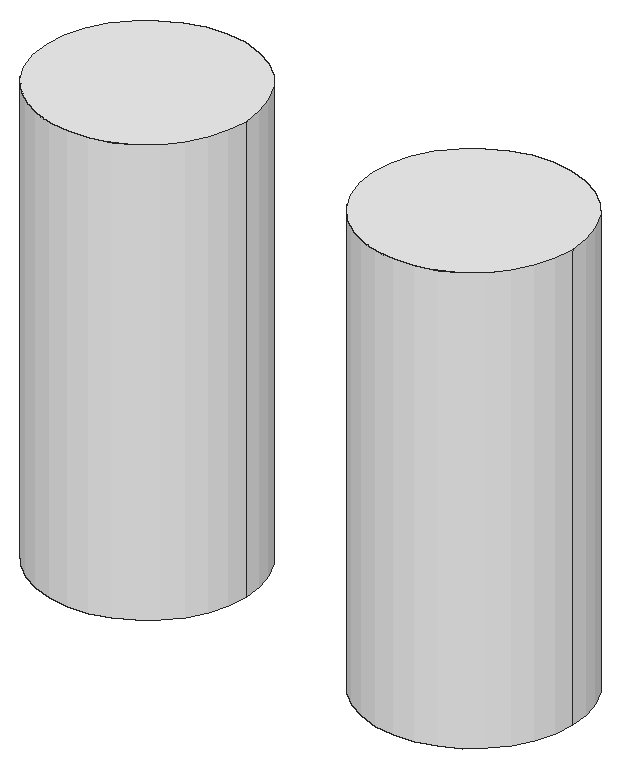
Revit family "57252073(2023)", category Plumbing Fixtures, Revit 2020
Family settings
  Round Connector Dimension = Use Diameter
  Part Type = Normal
  OmniClass Number = 23.45.55.00
  OmniClass Title = Sanitary Faucets, Wastes
  Work Plane-Based = No
  Always vertical = Yes
  Cut with Voids When Loaded = No
  Shared = No
  Room Calculation Point = No
Parameters (values of type "57252073 Bath faucet, floor mounting")
  Working Pressure = "50 - 1000 kPa"
  WarrantyStartDate [instance] = "n/a"
  WarrantyGuarantorParts = "n/a"
  WarrantyGuarantorLabor = "n/a"
  WarrantyDurationUnit = "Year"
  WarrantyDurationParts = "n/a"
  WarrantyDurationLabor = "n/a"
  WarrantyDescription = "http://warranty.hansa.com"
  Warranty Information URL = "http://warranty.hansa.com"
  VersionDate = "01/06/2023"
  Version = "1"
  ValvePattern = "n/a"
  ValveOperation = "n/a"
  ValveMechanism = "n/a"
  Uniclass2015Reference = "Pr_40_20_87_07"
  Uniclass2015Description = "Bath manual water supply sets"
  Uniclass2 = "Pr_40_30_96_07"
  URL REACH = "http://static.hansa.com/doc/reach"
  URL Materials Declaration = "http://www.hansa.com/fileadmin/resources/185492_57252073_materialsdeclaration.pdf"
  URL EcoLabel Declaration = "http://static.hansa.com/doc/EcoLabel"
  URL EU Packaging Declaration = "http://static.hansa.com/doc/packaging"
  URL Declaration of SCIP = "http://static.hansa.com/doc/SCIP"
  URL Declaration of Conformity = "http://static.hansa.com/DoC/57252073"
  URL Declaration of Asbestos = "http://static.hansa.com/doc/asbestos"
  URL Declaration Of Performance (DOP) = "http://static.hansa.com/doc/DoP"
  URL = ""
  UNSPSC Class Number = "30181700 Faucets or taps"
  TestPressure = "n/a"
  Technical DataSheet URL = "http://www.hansa.com/datasheet/57252073/en"
  TagNumber [instance] = "n/a"
  SustainabilityPerformance = "n/a"
  Surface treatment = "Chrome"
  Spout Projection = "209 mm"
  Spare-Part Information URL = "http://static.hansa.com/sp/57252073"
  Size = "175x295x950 mm"
  Shape = "Sculptured"
  SerialNumber [instance] = "n/a"
  Sales Package dimensions (LxWxH) = "1030 x 350 x 300"
  Revision = "n/a"
  ReplacementCost = "n/a"
  ProductInformation = "Kitchen faucet with high spout."
  Product URL = "http://static.hansa.com/57252073"
  Product Image URL = "http://static.hansa.com/image/57252073"
  Product Family = "HANSASTELA "
  Product Code = "57252073"
  OperatingMechanismMaterial = "n/a"
  NominalWidth = 173 mm
  NominalHeight = 949.5 mm
  NominalDepth = 293.1 mm
  Noise Class = "I (ISO 3822) "
  Name_en = "57252073 Bath faucet, floor mounting"
  Name = "57252073 Bath faucet, floor mounting"
  NBSReference = "45-35-70/315"
  NBSDescription = "Water supply fittings for baths"
  Mounting Holes = "1 hole"
  ModelReference = "57252073"
  ModelNumber = "n/a"
  Model = "57252073 Bath faucet, floor mounting"
  Mobile Product Information URL = "http://mpi.hansa.com/57252073"
  Mechanical Parts = "ø 40 mm ceramic cartridge for flow and temperature control"
  Max. Hot Water Supply = 80 °C
  Material = "Brass"
  Market = "International;Germany;Austria;Belgium;Netherlands;France;Czech Republic;Slovakia;Italy;Spain"
  ManufacturerURL = "http://www.hansa.com"
  ManufacturerName = "HANSA"
  Manufacturer = "HANSA"
  Lever Handle = "Single operating lever/handle;Hot/Cold symbols"
  Keynote = ""
  Interactive AR View URL = "https://static.hansa.com/AR/57252073"
  InstallationDate [instance] = "n/a"
  Installation and Maintenance Guide URL = "http://static.hansa.com/manual/57252073"
  Installation Type = "Floor standing"
  InletConnectionSize = 14 mm
  IfcExportType = "FAUCET"  # constant formula
  IfcExportAs = "IfcValveType"  # constant formula
  Group = "Bath faucet"
  Grade = "n/a"
  FlowCoefficient = 0
  Flow Rate At 300kPa = 0.34 L/s
  Flow Drawing URL = "http://static.hansa.com/flowchart/57252073"
  Finish = "Polished"
  Features = "Trim Kit;Single-lever"
  FaucetMainMaterial = Brass
  FDV Document URL = "http://www.hansa.com/datasheet/57252073/en/fdv"
  ExpectedLife = "n/a"
  ETIM Class Number = "EC010862 Bath mixing tap"
  EN Standard = "EN 817"
  EAN Number = "4057304015380"
  DurationUnit = "Year"
  Diverter = "Pull operated diverter"
  Dimension Drawing URL = "http://static.hansa.com/dimdrw/57252073"
  Description = ""
  DefaultElevation [instance] = 900 mm
  Default Elevation = 0 mm
  Constituents = "n/a"
  Connection Size = "G1/2"
  Color = "Chrome"
  CodePerformance = "n/a"
  CloseOffRating = 0
  Category = "Bathtub & Shower"
  Catalog Drawing URL = "http://static.hansa.com/catdrw/57252073"
  Brand = "HANSA"
  BodyMaterial = "Brass"
  Barcode [instance] = "n/a"
  Backflow Prevention EN1717 = "EB"
  BIMObjectName = "57252073(2023)"
  Author = "BIMStone"
  AssetType = "Fixed"
  AssetIdentifier [instance] = "n/a"
  Advanced Features = "Inner body made of DZR brass"
  AccessibilityPerformance = "n/a"
  3D View = "https://static.hansa.com/AR/57252073"
  2D/3D/BIM Files URL = "http://static.hansa.com/bim/57252073"
Reference planes
  plane 1 "Center (Front/Back)": y = 0
  plane 2: z = 0
  plane 3 "Center (Left/Right)": x = 0
  plane 4: x = -67.5
  plane 5: z = 900
  plane 6: z = 870
  plane 7: y = -293.1
  plane 8: x = 67.5
  plane 9: z = 1849.5
  plane 10: x = 105.5
Forms (mm)
  Extrusion 1, solid, material "Brass" <- "FaucetMainMaterial"
    sketch origin (0, -45, 0) x (1, 0, 0) y (0, 1, 0)
      loop
        circle (-11.5, -22.5) r 7
      loop
        circle (11.5, -22.5) r 7
    from 870 to 900
Dimensions and locks
  "DefaultElevation": plane 5 to level
  locked: plane 5 to plane 6 at 30
  "NominalDepth": plane 7 to plane 1 "Center (Front/Back)"
  equal spacing: plane 4, plane 3 "Center (Left/Right)", plane 8
  "NominalHeight": plane 9 to plane 5
  locked: plane 8 to plane 10 at 38
  "NominalWidth": plane 4 to plane 10
  "InletConnectionSize": diameter of Extrusion 1 sketch curve  (x2)
  aligned and locked: level to plane 2
  aligned and locked: plane 5 to Extrusion 1
  aligned and locked: Extrusion 1 to plane 6
  aligned and locked: plane 5 to nested 2  (x2)
  aligned and locked: plane 3 "Center (Left/Right)" to nested 2
  aligned and locked: plane 1 "Center (Front/Back)" to nested 2
Automatic sketch dimensions
  Extrusion 1 sketch curve to plane 3 "Center (Left/Right)" = 11.5 mm
  plane 3 "Center (Left/Right)" to Extrusion 1 sketch curve = 11.5 mm
  plane 1 "Center (Front/Back)" to Extrusion 1 sketch curve = 67.5 mm
  Extrusion 1 sketch curve to Extrusion 1 sketch curve = 0 mm
Nested families
  nested 1: "Symbol" at (0, 0, 0), type "Symbol", detail levels coarse
  nested 2: "57252073_bidetta" at (0, -65.867, 900), type "57252073(2021)_Body"
Connectors
  piping at (-11.5, -67.5, 870), diameter 14, driven by "InletConnectionSize"
    settings: on Extrusion 1, index 1, connector inside diameter 609.6 mm, connector length 0 mm, flow factor 0, pipe flow 0.34 L/s, pressure drop 0.0 Pa, fitting loss kfactor 0, connector angle 0.00°, fixture units 0, engagement length 0 mm, angle of deflection 0.00°, flow configuration 1, flow direction 1, fitting loss method 0, system type 19, joint type 0, gender type 0, connector reference index -1, connector utility 0, adjustable connector no, is connector primary yes, connector description ""
  piping at (11.5, -67.5, 870), diameter 14, driven by "InletConnectionSize"
    settings: on Extrusion 1, index 2, connector inside diameter 609.6 mm, connector length 0 mm, flow factor 0, pipe flow 0.34 L/s, pressure drop 0.0 Pa, fitting loss kfactor 0, connector angle 0.00°, fixture units 0, engagement length 0 mm, angle of deflection 0.00°, flow configuration 1, flow direction 1, fitting loss method 0, system type 20, joint type 0, gender type 0, connector reference index -1, connector utility 0, adjustable connector no, is connector primary no, connector description ""
Definition of nested family "Symbol"
  Reference planes
    plane 1: y = 0
    plane 2: x = 0
  Lines and regions (mm)
    detail lines
      curve 1: line (0, 0, 0) -> (0, -1.8, 0)
      curve 2: line (-0.4, -1.1, 0) -> (0.4, -1.1, 0)
      curve 3: line (-0.4, -1.4, 0) -> (0.4, -1.4, 0)
      curve 4: line (0.863, 0, 0) -> (-0.863, 0, 0)
      curve 5: circle (-1.163, 0, 0) r 0.3 normal (0, 0, -1)
      curve 6: circle (1.163, 0, 0) r 0.3 normal (0, 0, 1)
Definition of nested family "57252073_bidetta"
  Parameters (values of type "57252073_bidetta")
    Default Elevation = 0 mm
    Body [instance] = none
  Reference planes
    plane 1 "Center (Front/Back)": y = 0
    plane 2: z = 0
    plane 3 "Center (Left/Right)": x = 0
  Forms (mm)
    Revolve 1, solid, material <- "Body", detail levels medium
      sketch origin (0, -1.628, 0) x (1, 0, 0) y (0, 0, 1)
        loop
          line (0, 929.225) -> (-20.847, 929.225) -> (-21.862, 903.246)
          arc (-21.862, 903.246) -> (-23.454, 900.53) -> (-24.306, 897.5) r 12.31
          line (-24.306, 897.5) -> (-24.306, 20) -> (-67.521, 20) -> (-67.521, 0) -> (0, 0) -> (0, 929.225)
        axis (0, 929.225) -> (0, 0)
      angle from 0 to 360
    Extrusion 2, solid, material <- "Body", detail levels medium
      sketch origin (0, 0, 0) x (1, 0, 0) y (0, 1, 0)
        loop
          line (-19, -13.116) -> (-19, -225.585) -> (19, -225.585) -> (19, -13.116) -> (-19, -13.116)
      from 854.958 to 838.647
    Extrusion 3, solid, material <- "Body", detail levels medium
      sketch origin (0, 0, 0) x (1, 0, 0) y (0, 1, 0)
        loop
          circle (0, -205.863) r 15
      from 832.883 to 838.647
    Revolve 4, solid, material <- "Body", detail levels medium
      sketch origin (0, -1.562, 0) x (0, 1, 0) y (0, 0, 1)
        loop
          line (-70, 838.647) -> (-70, 771) -> (-56.875, 771) -> (-56.875, 838.647) -> (-70, 838.647)
        axis (-70, 838.647) -> (-70, 771)
      angle from 0 to 360
    Extrusion 5, solid, material <- "Body", detail levels medium
      sketch origin (0, 0, 0) x (0, 1, 0) y (0, 0, 1)
        loop
          circle (-1.585, 747.5) r 13.336
      from 0 to 105.5
    Revolve 6, solid, material <- "Body", detail levels medium
      sketch origin (0, -1.656, 0) x (1, 0, 0) y (0, 0, 1)
        loop
          line (92.552, 949.5) -> (80.269, 949.5) -> (80.269, 762.7) -> (85.052, 732.5) -> (85.052, 708.733) -> (92.552, 708.733) -> (92.552, 949.5)
        axis (92.552, 949.5) -> (92.552, 708.733)
      angle from 0 to 360
    Extrusion 7, solid, material <- "Body", detail levels medium
      sketch origin (0, 0, 0) x (1, 0, 0) y (0, 1, 0)
        loop
          line (0, -69.148) -> (20.847, -69.148) -> (20.847, -1.628)
          arc (20.847, -1.628) -> (0, 19.22) -> (-20.847, -1.628) r 20.847
          line (-20.847, -1.628) -> (-20.847, -69.148) -> (0, -69.148)
      from 929.225 to 935.997
    Extrusion 8, solid, material <- "Body", detail levels coarse
      sketch origin (0, 0, 0) x (1, 0, 0) y (0, 1, 0)
        loop
          line (-67.612, 67.612) -> (-67.612, -225.585) -> (105.5, -225.585) -> (105.5, 67.612) -> (-67.612, 67.612)
      from 0 to 949.5
  Cuts and joins
    joined: Revolve 1, Extrusion 2
  Lines and regions (mm)
    symbolic lines, detail levels medium+fine
      curve 1: line (-19, -222.585, 0) -> (-19, -64.888, 0)
      curve 3: line (-16, -225.585, 0) -> (0, -225.585, 0)
      curve 4: arc (-16, -225.585, 0) -> (-18.121, -224.706, 0) -> (-19, -222.585, 0) r 3
      curve 5: line (19, -222.585, 0) -> (19, -64.888, 0)
      curve 6: line (16, -225.585, 0) -> (0, -225.585, 0)
      curve 7: arc (16, -225.585, 0) -> (18.121, -224.706, 0) -> (19, -222.585, 0) r 3
      curve 8: arc (19, -64.888, 0) -> (49.302, -46.268, 0) -> (65.962, -14.846, 0) r 67.612
      curve 19: line (65.962, -14.846, 0) -> (104.262, -14.846, 0)
      curve 20: arc (104.284, 11.635, 0) -> (105.062, 11.363, 0) -> (105.5, 10.665, 0) r 1.247
      curve 21: line (105.5, 10.665, 0) -> (105.5, 7.415, 0)
      curve 22: arc (105.5, 7.415, 0) -> (105.204, 6.7, 0) -> (104.488, 6.403, 0) r 1.012
      curve 23: line (104.488, 6.403, 0) -> (102.129, 6.403, 0)
      curve 24: arc (104.262, -14.846, 0) -> (105.044, -14.58, 0) -> (105.5, -13.892, 0) r 1.28
      curve 25: line (105.5, -13.892, 0) -> (105.5, -10.593, 0)
      curve 26: arc (105.5, -10.593, 0) -> (105.201, -9.871, 0) -> (104.479, -9.572, 0) r 1.021
      curve 27: line (104.479, -9.572, 0) -> (102.119, -9.572, 0)
      curve 28: arc (102.129, 6.403, 0) -> (104.241, 2.654, 0) -> (104.973, -1.586, 0) r 12.644
      curve 29: arc (104.973, -1.586, 0) -> (104.238, -5.826, 0) -> (102.119, -9.572, 0) r 12.599
      curve 31: line (66.604, 11.635, 0) -> (104.284, 11.635, 0)
      curve 32: arc (66.604, 11.635, 0) -> (-45.091, 50.381, 0) -> (-18.923, -64.91, 0) r 67.612
      curve 33: line (0, 0, 0) -> (-67.511, 0, 0)
      curve 34: line (-67.511, 0, 0) -> (-67.511, 0, 17.871)
      curve 35: arc (-67.511, 0, 17.871) -> (-66.929, 0, 19.335) -> (-65.5, 0, 20) r 2.132
      curve 36: line (-65.5, 0, 20) -> (-24.341, 0, 20)
      curve 37: line (-24.341, 0, 20) -> (-24.341, 0, 897.5)
      curve 38: arc (-24.341, 0, 897.5) -> (-24.318, 0, 897.646) -> (-24.25, 0, 897.778) r 0.472
      curve 39: line (-24.25, 0, 897.778) -> (-21.846, 0, 900.968)
      curve 40: arc (-21.846, 0, 900.968) -> (-21.286, 0, 901.631) -> (-20.653, 0, 902.225) r 7.649
      curve 41: line (-20.653, 0, 902.225) -> (-22.057, 0, 902.941)
      curve 42: arc (-22.057, 0, 902.941) -> (-22.82, 0, 903.361) -> (-23.554, 0, 903.831) r 13.324
      curve 43: arc (-23.554, 0, 903.831) -> (-23.695, 0, 903.979) -> (-23.764, 0, 904.171) r 0.493
      curve 44: line (-23.764, 0, 904.171) -> (-20.269, 0, 935.495)
      curve 45: arc (-20.269, 0, 935.495) -> (-20.083, 0, 935.854) -> (-19.705, 0, 935.996) r 0.563
      curve 46: line (-19.705, 0, 935.996) -> (0, 0, 935.996)
      curve 91: line (0, 0, 0) -> (67.511, 0, 0)
      curve 92: line (67.511, 0, 0) -> (67.511, 0, 17.871)
      curve 93: arc (67.511, 0, 17.871) -> (66.929, 0, 19.335) -> (65.5, 0, 20) r 2.132
      curve 94: line (65.5, 0, 20) -> (24.341, 0, 20)
      curve 95: line (24.341, 0, 20) -> (24.341, 0, 734.202)
      curve 96: line (24.25, 0, 897.778) -> (21.846, 0, 900.968)
      curve 97: arc (21.846, 0, 900.968) -> (21.286, 0, 901.631) -> (20.653, 0, 902.225) r 7.649
      curve 98: line (20.653, 0, 902.225) -> (22.057, 0, 902.941)
      curve 99: arc (22.057, 0, 902.941) -> (22.82, 0, 903.361) -> (23.554, 0, 903.831) r 13.324
      curve 100: line (23.764, 0, 904.171) -> (20.269, 0, 935.495)
      curve 101: arc (20.269, 0, 935.495) -> (20.083, 0, 935.854) -> (19.705, 0, 935.996) r 0.563
      curve 102: line (19.705, 0, 935.996) -> (0, 0, 935.996)
      curve 147: line (24.341, 0, 734.202) -> (81.451, 0, 734.202)
      curve 148: line (81.451, 0, 734.202) -> (82.058, 0, 734.73)
      curve 151: line (103.107, 0, 738.187) -> (104.516, 0, 738.187)
      curve 152: arc (104.516, 0, 738.187) -> (105.219, 0, 738.482) -> (105.5, 0, 739.19) r 0.984
      curve 153: line (82.058, 0, 734.73) -> (82.149, 0, 733)
      curve 154: arc (82.149, 0, 733) -> (82.325, 0, 732.631) -> (82.709, 0, 732.495) r 0.533
      curve 155: line (82.709, 0, 732.495) -> (85.003, 0, 732.495)
      curve 156: line (85.003, 0, 732.495) -> (85.003, 0, 709.432)
      curve 157: line (85.003, 0, 709.432) -> (100.003, 0, 709.432)
      curve 158: line (100.003, 0, 709.432) -> (100.003, 0, 732.495)
      curve 160: line (100.003, 0, 732.495) -> (102.226, 0, 732.495)
      curve 161: arc (102.226, 0, 732.495) -> (102.69, 0, 732.687) -> (102.882, 0, 733.152) r 0.657
      curve 162: line (102.882, 0, 733.152) -> (103.107, 0, 738.187)
      curve 163: line (105.5, 0, 739.19) -> (105.5, 0, 755.81)
      curve 164: arc (105.5, 0, 755.81) -> (105.197, 0, 756.542) -> (104.466, 0, 756.845) r 1.034
      curve 165: line (104.466, 0, 756.845) -> (103.899, 0, 756.845)
      curve 169: arc (80.941, 0, 760.482) -> (80.526, 0, 760.719) -> (80.052, 0, 760.771) r 1.166
      curve 170: line (80.052, 0, 760.771) -> (24.341, 0, 760.771)
      curve 171: line (103.899, 0, 756.845) -> (104.13, 0, 761.981)
      curve 172: arc (104.13, 0, 761.981) -> (104.032, 0, 762.293) -> (103.755, 0, 762.467) r 0.475
      curve 173: line (103.755, 0, 762.467) -> (103.755, 0, 762.704)
      curve 174: line (103.755, 0, 762.704) -> (105.5, 0, 762.704)
      curve 175: line (105.5, 0, 762.704) -> (105.5, 0, 949.5)
      curve 176: line (105.5, 0, 949.5) -> (79.991, 0, 949.5)
      curve 177: line (79.991, 0, 949.5) -> (79.991, 0, 762.704)
      curve 179: line (24.341, 0, 760.771) -> (24.341, 0, 897.5)
      curve 183: line (80.941, 0, 760.482) -> (80.862, 0, 761.982)
      curve 184: arc (80.862, 0, 761.982) -> (80.966, 0, 762.303) -> (81.257, 0, 762.474) r 0.474
      curve 185: line (81.257, 0, 762.474) -> (81.257, 0, 762.704)
      curve 187: line (81.257, 0, 762.704) -> (79.991, 0, 762.704)
      curve 188: line (0, 65.867, 0) -> (0, 65.867, 18.433)
      curve 189: arc (0, 65.867, 18.433) -> (0, 65.721, 19.051) -> (0, 65.312, 19.537) r 1.374
      curve 190: arc (0, 65.312, 19.537) -> (0, 64.651, 19.88) -> (0, 63.915, 20) r 2.351
      curve 191: line (0, 63.915, 20) -> (0, 22.62, 20)
      curve 192: line (0, 22.62, 20) -> (0, 22.62, 897.309)
      curve 193: line (0, 22.516, 897.66) -> (0, 21.554, 899.142)
      curve 194: line (0, 21.554, 899.142) -> (0, 22.369, 899.142)
      curve 195: arc (0, 22.369, 899.142) -> (0, 22.683, 899.294) -> (0, 22.757, 899.635) r 0.399
      curve 196: arc (0, 22.62, 897.309) -> (0, 22.594, 897.492) -> (0, 22.516, 897.66) r 0.644
      curve 197: line (0, 22.757, 899.635) -> (0, 22.757, 935.536)
      curve 198: arc (0, 22.757, 935.536) -> (0, 22.599, 935.885) -> (0, 22.233, 935.997) r 0.465
      curve 199: line (0, 22.233, 935.997) -> (0, 10.94, 935.997)
      curve 200: line (0, 10.94, 935.997) -> (0, 10.94, 949.305)
      curve 201: arc (0, 10.94, 949.305) -> (0, 10.872, 949.454) -> (0, 10.715, 949.5) r 0.197
      curve 202: line (0, 10.715, 949.5) -> (0, -13.884, 949.5)
      curve 203: arc (0, -13.884, 949.5) -> (0, -14.028, 949.441) -> (0, -14.087, 949.297) r 0.203
      curve 204: line (0, -14.087, 949.297) -> (0, -14.087, 935.997)
      curve 205: line (0, -14.087, 935.997) -> (0, -68.937, 935.997)
      curve 206: arc (0, -68.937, 935.997) -> (0, -69.238, 935.842) -> (0, -69.285, 935.507) r 0.369
      curve 207: line (0, -69.285, 935.507) -> (0, -68.794, 932.978)
      curve 208: arc (0, -68.794, 932.978) -> (0, -68.58, 932.614) -> (0, -68.187, 932.464) r 0.634
      curve 209: line (0, -68.187, 932.464) -> (0, -28.187, 932.464)
      curve 210: arc (0, -28.187, 932.464) -> (0, -26.659, 931.909) -> (0, -25.845, 930.503) r 2.378
      curve 211: line (0, -25.845, 930.503) -> (0, -25.845, 899.837)
      curve 212: arc (0, -25.845, 899.837) -> (0, -25.639, 899.34) -> (0, -25.142, 899.134) r 0.703
      curve 213: line (0, -25.142, 899.134) -> (0, -24.752, 899.134)
      curve 214: line (0, -24.752, 899.134) -> (0, -25.558, 897.892)
      curve 215: line (0, -25.829, 896.977) -> (0, -25.829, 854.958)
      curve 216: arc (0, -25.558, 897.892) -> (0, -25.76, 897.454) -> (0, -25.829, 896.977) r 1.68
      curve 218: line (0, -25.829, 854.958) -> (0, -224.585, 854.958)
      curve 219: arc (0, -224.585, 854.958) -> (0, -225.292, 854.665) -> (0, -225.585, 853.958) r 1
      curve 220: line (0, -225.585, 853.958) -> (0, -225.585, 839.829)
      curve 221: arc (0, -225.585, 839.829) -> (0, -225.253, 838.838) -> (0, -224.39, 838.247) r 1.645
      curve 222: line (0, -224.39, 838.247) -> (0, -220.191, 837.05)
      curve 223: line (0, -220.191, 837.05) -> (0, -220.313, 835.656)
      curve 224: line (0, -220.313, 835.656) -> (0, -191.978, 833.177)
      curve 225: line (0, -191.978, 833.177) -> (0, -191.907, 833.986)
      curve 226: line (0, -191.907, 833.986) -> (0, -91.105, 826.184)
      curve 227: arc (0, -91.105, 826.184) -> (0, -87.189, 824.195) -> (0, -85.826, 820.02) r 5.739
      curve 228: line (0, -85.826, 820.02) -> (0, -85.826, 815.972)
      curve 229: line (0, -85.826, 815.972) -> (0, -83.438, 815.972)
      curve 230: line (0, -83.438, 815.972) -> (0, -83.438, 814)
      curve 231: line (0, -83.438, 814) -> (0, -81.085, 814)
      curve 232: line (0, -81.085, 814) -> (0, -81.085, 812)
      curve 233: line (0, -81.085, 812) -> (0, -84.043, 812)
      curve 234: line (0, -84.043, 812) -> (0, -84.043, 804.137)
      curve 235: arc (0, -84.043, 804.137) -> (0, -84.214, 803.603) -> (0, -84.665, 803.268) r 0.917
      curve 236: arc (0, -84.665, 803.268) -> (0, -85.427, 801.894) -> (0, -84.135, 801) r 1.17
      curve 237: line (0, -84.135, 801) -> (0, -82.712, 801)
      curve 238: line (0, -83.229, 800.418) -> (0, -81.936, 771.459)
      curve 239: arc (0, -82.712, 801) -> (0, -83.089, 800.814) -> (0, -83.229, 800.418) r 0.558
      curve 240: arc (0, -81.936, 771.459) -> (0, -81.703, 771.053) -> (0, -81.237, 771.007) r 0.511
      curve 241: line (0, -81.237, 771.007) -> (0, -79.064, 771.007)
      curve 242: line (0, -79.064, 771.007) -> (0, -79.064, 747.748)
      curve 243: arc (0, -79.064, 747.748) -> (0, -78.739, 746.446) -> (0, -77.838, 745.451) r 2.766
      curve 244: arc (0, -77.838, 745.451) -> (0, -77.545, 745.32) -> (0, -77.225, 745.293) r 0.955
      curve 245: line (0, -77.225, 745.293) -> (0, -65.55, 745.293)
      curve 246: arc (0, -65.55, 745.293) -> (0, -64.949, 745.474) -> (0, -64.548, 745.956) r 1.089
      curve 247: arc (0, -64.548, 745.956) -> (0, -64.183, 747.111) -> (0, -64.044, 748.315) r 6.354
      curve 248: line (0, -64.044, 748.315) -> (0, -64.044, 771.007)
      curve 249: line (0, -64.044, 771.007) -> (0, -61.67, 771.007)
      curve 250: arc (0, -61.67, 771.007) -> (0, -61.254, 771.219) -> (0, -61.179, 771.68) r 0.516
      curve 251: line (0, -61.179, 771.68) -> (0, -59.968, 800.513)
      curve 252: arc (0, -59.968, 800.513) -> (0, -60.105, 800.864) -> (0, -60.457, 801) r 0.468
      curve 253: line (0, -60.457, 801) -> (0, -59.042, 801)
      curve 254: arc (0, -59.042, 801) -> (0, -57.851, 801.998) -> (0, -58.626, 803.345) r 1.209
      curve 255: arc (0, -58.626, 803.345) -> (0, -59.036, 803.722) -> (0, -59.059, 804.279) r 0.728
      curve 256: line (0, -59.059, 804.279) -> (0, -59.059, 812)
      curve 257: line (0, -59.059, 812) -> (0, -62.085, 812)
      curve 258: line (0, -62.085, 812) -> (0, -62.085, 814)
      curve 259: line (0, -62.085, 814) -> (0, -59.693, 814)
      curve 260: line (0, -59.693, 814) -> (0, -59.693, 816)
      curve 261: line (0, -59.693, 816) -> (0, -57.335, 816)
      curve 262: line (0, -57.335, 816) -> (0, -57.335, 818.333)
      curve 263: arc (0, -57.335, 818.333) -> (0, -55.394, 822.241) -> (0, -51.106, 823.056) r 4.905
      curve 264: line (0, -51.106, 823.056) -> (0, -26.201, 820.877)
      curve 265: line (0, -26.201, 820.877) -> (0, -26.201, 20)
      curve 266: line (0, -26.201, 20) -> (0, -67.043, 20)
      curve 267: arc (0, -67.043, 20) -> (0, -68.507, 19.394) -> (0, -69.113, 17.93) r 2.07
      curve 268: line (0, -69.113, 17.93) -> (0, -69.113, 0)
      curve 269: line (0, -69.113, 0) -> (0, 65.867, 0)
    symbolic lines, detail levels fine
      curve 2: arc (-18.923, -64.91, 0) -> (0.04, -67.612, 0) -> (19, -64.888, 0) r 67.612
      curve 9: line (-20.278, 0, 0) -> (-20.278, -56.661, 0)
      curve 10: arc (-20.278, -56.661, 0) -> (-20.264, -59.809, 0) -> (-20.223, -62.957, 0) r 361.155
      curve 11: arc (-20.223, -62.957, 0) -> (-19.882, -64.094, 0) -> (-19, -64.888, 0) r 2.197
      curve 12: arc (0, 21.593, 0) -> (-14.414, 14.811, 0) -> (-20.278, 0, 0) r 21.636
      curve 13: line (20.278, 0, 0) -> (20.278, -56.661, 0)
      curve 14: arc (20.278, -56.661, 0) -> (20.264, -59.809, 0) -> (20.223, -62.957, 0) r 361.155
      curve 15: arc (20.223, -62.957, 0) -> (19.882, -64.094, 0) -> (19, -64.888, 0) r 2.197
      curve 16: arc (0, 21.593, 0) -> (14.414, 14.811, 0) -> (20.278, 0, 0) r 21.636
      curve 17: line (16.883, 11.635, 0) -> (66.604, 11.635, 0)
      curve 18: line (65.962, -14.846, 0) -> (20.278, -14.846, 0)
      curve 30: arc (102.119, -9.572, 0) -> (79.708, -1.57, 0) -> (102.129, 6.403, 0) r 12.631
      curve 47: line (-24.341, 0, 20) -> (0, 0, 20)
      curve 48: line (0, 0, 854.958) -> (-17.484, 0, 854.958)
      curve 49: arc (-17.484, 0, 854.958) -> (-18.392, 0, 854.685) -> (-19, 0, 853.958) r 1.65
      curve 50: line (-19, 0, 853.958) -> (-19, 0, 833.001)
      curve 51: arc (-19, 0, 833.001) -> (-18.719, 0, 831.275) -> (-17.904, 0, 829.728) r 5.434
      curve 52: arc (-17.904, 0, 829.728) -> (-16.346, 0, 827.948) -> (-14.546, 0, 826.413) r 16.282
      curve 53: line (-14.546, 0, 826.413) -> (-14.546, 0, 816.068)
      curve 54: line (-14.546, 0, 816.068) -> (-11.717, 0, 816.068)
      curve 55: line (-11.717, 0, 816.068) -> (-11.717, 0, 814.022)
      curve 56: line (-11.717, 0, 814.022) -> (-10.47, 0, 814.022)
      curve 57: line (-10.47, 0, 814.022) -> (-10.47, 0, 812.073)
      curve 58: line (-10.47, 0, 812.073) -> (-12.484, 0, 812.073)
      curve 59: line (-12.484, 0, 812.073) -> (-12.484, 0, 804.19)
      curve 60: arc (-12.484, 0, 804.19) -> (-12.661, 0, 803.607) -> (-13.133, 0, 803.222) r 1.047
      curve 61: arc (-13.133, 0, 803.222) -> (-13.83, 0, 801.932) -> (-12.703, 0, 800.994) r 1.157
      curve 62: line (-12.703, 0, 800.994) -> (-11.652, 0, 800.994)
      curve 63: line (-11.652, 0, 800.994) -> (-10.369, 0, 771.022)
      curve 64: line (-10.369, 0, 771.022) -> (-7.444, 0, 771.022)
      curve 65: line (-7.444, 0, 771.022) -> (-7.444, 0, 748.16)
      curve 66: line (-7.444, 0, 748.16) -> (0, 0, 748.16)
      curve 67: line (0, 0, 838.081) -> (-15, 0, 838.081)
      curve 68: arc (-15, 0, 838.081) -> (-16.557, 0, 838.164) -> (-18.097, 0, 838.414) r 14.584
      curve 69: arc (-18.097, 0, 838.414) -> (-18.698, 0, 838.754) -> (-19, 0, 839.375) r 1.163
      curve 70: line (0, 0, 836.964) -> (-6.016, 0, 836.964)
      curve 71: arc (-6.016, 0, 836.964) -> (-8.398, 0, 836.928) -> (-10.777, 0, 836.82) r 78.585
      curve 72: arc (-10.777, 0, 836.82) -> (-12.809, 0, 836.772) -> (-14.839, 0, 836.875) r 27.395
      curve 73: arc (-14.839, 0, 836.875) -> (-16.497, 0, 836.794) -> (-18.071, 0, 836.27) r 6.102
      curve 74: arc (-18.071, 0, 836.27) -> (-18.592, 0, 835.918) -> (-19, 0, 835.44) r 2.323
      curve 75: line (0, 0, 835.43) -> (-2.676, 0, 835.43)
      curve 76: arc (-2.676, 0, 835.43) -> (-7.382, 0, 835.34) -> (-12.082, 0, 835.072) r 123.82
      curve 77: arc (-12.082, 0, 835.072) -> (-14.47, 0, 834.471) -> (-16.52, 0, 833.106) r 7.259
      curve 78: arc (-16.52, 0, 833.106) -> (-17.575, 0, 831.566) -> (-17.904, 0, 829.728) r 4.436
      curve 79: line (-11.717, 0, 816.068) -> (0, 0, 816.068)
      curve 80: line (-10.47, 0, 814.022) -> (0, 0, 814.022)
      curve 81: line (-10.47, 0, 812.073) -> (0, 0, 812.073)
      curve 82: line (-11.652, 0, 800.994) -> (0, 0, 800.994)
      curve 83: line (-12.929, 0, 803.333) -> (0, 0, 803.333)
      curve 84: line (-7.444, 0, 771.022) -> (0, 0, 771.022)
      curve 85: line (-24.318, 0, 897.646) -> (0, 0, 897.646)
      curve 86: line (-20.653, 0, 902.225) -> (-18.885, 0, 901.401)
      curve 87: arc (-18.885, 0, 901.401) -> (-13.663, 0, 899.653) -> (-8.181, 0, 899.126) r 24.318
      curve 88: line (-8.181, 0, 899.126) -> (0, 0, 899.126)
      curve 89: spline (0, 0, 904.656) -> (-1.081, 0, 904.809) -> (-2.089, 0, 905.255) -> (-2.954, 0, 905.965) -> (-3.618, 0, 906.891) -> (-4.035, 0, 907.969) -> (-4.178, 0, 909.126) -> (-4.035, 0, 910.283) -> (-3.618, 0, 911.361) -> (-2.954, 0, 912.287) -> (-2.089, 0, 912.997) -> (-1.081, 0, 913.444) -> (0, 0, 913.596) -> (1.081, 0, 913.444) -> (2.089, 0, 912.997) -> (2.954, 0, 912.287) -> (3.618, 0, 911.361) -> (4.035, 0, 910.283) -> (4.178, 0, 909.126) -> (4.035, 0, 907.969) -> (3.618, 0, 906.891) -> (2.954, 0, 905.965) -> (2.089, 0, 905.255) -> (1.081, 0, 904.809) -> (0, 0, 904.656)
      curve 90: line (-20.618, 0, 932.37) -> (0, 0, 932.37)
      curve 103: line (24.341, 0, 20) -> (0, 0, 20)
      curve 104: line (0, 0, 854.958) -> (17.484, 0, 854.958)
      curve 105: arc (17.484, 0, 854.958) -> (18.392, 0, 854.685) -> (19, 0, 853.958) r 1.65
      curve 106: line (19, 0, 853.958) -> (19, 0, 833.001)
      curve 107: arc (19, 0, 833.001) -> (18.719, 0, 831.275) -> (17.904, 0, 829.728) r 5.434
      curve 108: arc (17.904, 0, 829.728) -> (16.346, 0, 827.948) -> (14.546, 0, 826.413) r 16.282
      curve 109: line (14.546, 0, 826.413) -> (14.546, 0, 816.068)
      curve 110: line (14.546, 0, 816.068) -> (11.717, 0, 816.068)
      curve 111: line (11.717, 0, 816.068) -> (11.717, 0, 814.022)
      curve 112: line (11.717, 0, 814.022) -> (10.47, 0, 814.022)
      curve 113: line (10.47, 0, 814.022) -> (10.47, 0, 812.073)
      curve 114: line (10.47, 0, 812.073) -> (12.484, 0, 812.073)
      curve 115: line (12.484, 0, 812.073) -> (12.484, 0, 804.19)
      curve 116: arc (12.484, 0, 804.19) -> (12.661, 0, 803.607) -> (13.133, 0, 803.222) r 1.047
      curve 117: arc (13.133, 0, 803.222) -> (13.83, 0, 801.932) -> (12.703, 0, 800.994) r 1.157
      curve 118: line (12.703, 0, 800.994) -> (11.652, 0, 800.994)
      curve 119: line (11.652, 0, 800.994) -> (10.369, 0, 771.022)
      curve 120: line (10.369, 0, 771.022) -> (7.444, 0, 771.022)
      curve 121: line (7.444, 0, 771.022) -> (7.444, 0, 748.16)
      curve 122: line (7.444, 0, 748.16) -> (0, 0, 748.16)
      curve 123: line (0, 0, 838.081) -> (15, 0, 838.081)
      curve 124: arc (15, 0, 838.081) -> (16.557, 0, 838.164) -> (18.097, 0, 838.414) r 14.584
      curve 125: arc (18.097, 0, 838.414) -> (18.698, 0, 838.754) -> (19, 0, 839.375) r 1.163
      curve 126: line (0, 0, 836.964) -> (6.016, 0, 836.964)
      curve 127: arc (6.016, 0, 836.964) -> (8.398, 0, 836.928) -> (10.777, 0, 836.82) r 78.585
      curve 128: arc (10.777, 0, 836.82) -> (12.809, 0, 836.772) -> (14.839, 0, 836.875) r 27.395
      curve 129: arc (14.839, 0, 836.875) -> (16.497, 0, 836.794) -> (18.071, 0, 836.27) r 6.102
      curve 130: arc (18.071, 0, 836.27) -> (18.592, 0, 835.918) -> (19, 0, 835.44) r 2.323
      curve 131: line (0, 0, 835.43) -> (2.676, 0, 835.43)
      curve 132: arc (2.676, 0, 835.43) -> (7.382, 0, 835.34) -> (12.082, 0, 835.072) r 123.82
      curve 133: arc (12.082, 0, 835.072) -> (14.47, 0, 834.471) -> (16.52, 0, 833.106) r 7.259
      curve 134: arc (16.52, 0, 833.106) -> (17.575, 0, 831.566) -> (17.904, 0, 829.728) r 4.436
      curve 135: line (11.717, 0, 816.068) -> (0, 0, 816.068)
      curve 136: line (10.47, 0, 814.022) -> (0, 0, 814.022)
      curve 137: line (10.47, 0, 812.073) -> (0, 0, 812.073)
      curve 138: line (11.652, 0, 800.994) -> (0, 0, 800.994)
      curve 139: line (12.929, 0, 803.333) -> (0, 0, 803.333)
      curve 140: line (7.444, 0, 771.022) -> (0, 0, 771.022)
      curve 141: line (24.318, 0, 897.646) -> (0, 0, 897.646)
      curve 142: line (20.653, 0, 902.225) -> (18.885, 0, 901.401)
      curve 143: arc (18.885, 0, 901.401) -> (13.663, 0, 899.653) -> (8.181, 0, 899.126) r 24.318
      curve 144: line (8.181, 0, 899.126) -> (0, 0, 899.126)
      curve 145: spline (0, 0, 904.656) -> (1.081, 0, 904.809) -> (2.089, 0, 905.255) -> (2.954, 0, 905.965) -> (3.618, 0, 906.891) -> (4.035, 0, 907.969) -> (4.178, 0, 909.126) -> (4.035, 0, 910.283) -> (3.618, 0, 911.361) -> (2.954, 0, 912.287) -> (2.089, 0, 912.997) -> (1.081, 0, 913.444) -> (0, 0, 913.596) -> (-1.081, 0, 913.444) -> (-2.089, 0, 912.997) -> (-2.954, 0, 912.287) -> (-3.618, 0, 911.361) -> (-4.035, 0, 910.283) -> (-4.178, 0, 909.126) -> (-4.035, 0, 907.969) -> (-3.618, 0, 906.891) -> (-2.954, 0, 905.965) -> (-2.089, 0, 905.255) -> (-1.081, 0, 904.809) -> (0, 0, 904.656)
      curve 146: line (20.618, 0, 932.37) -> (0, 0, 932.37)
      curve 149: arc (85.453, 0, 737.681) -> (92.21, 0, 740.351) -> (99.146, 0, 738.187) r 10.913
      curve 150: line (99.146, 0, 738.187) -> (103.107, 0, 738.187)
      curve 159: line (85.003, 0, 732.495) -> (100.003, 0, 732.495)
      curve 166: line (100.027, 0, 756.845) -> (97.665, 0, 754.792)
      curve 167: arc (97.665, 0, 754.792) -> (91.904, 0, 752.864) -> (86.467, 0, 755.575) r 7.937
      curve 168: line (86.467, 0, 755.575) -> (80.941, 0, 760.482)
      curve 178: line (103.755, 0, 762.704) -> (81.257, 0, 762.704)
      curve 180: line (24.341, 0, 734.202) -> (24.341, 0, 760.771)
      curve 181: line (82.058, 0, 734.73) -> (85.453, 0, 737.681)
      curve 182: line (103.899, 0, 756.845) -> (100.027, 0, 756.845)
      curve 186: line (81.257, 0, 762.474) -> (103.752, 0, 762.474)
      curve 217: line (0, -24.752, 899.134) -> (0, -22.903, 899.134)
      curve 270: line (0, 22.62, 20) -> (0, -26.201, 20)
      curve 271: line (0, 10.94, 947.164) -> (0, -14.087, 947.164)
      curve 272: line (0, 10.94, 935.997) -> (0, -14.087, 935.997)
      curve 273: line (0, -28.187, 932.464) -> (0, 22.757, 932.464)
      curve 274: line (0, 21.554, 899.142) -> (0, 19.444, 899.142)
      curve 275: arc (0, 19.444, 899.142) -> (0, 17.747, 899.295) -> (0, 16.105, 899.749) r 9.481
      curve 276: arc (0, 16.105, 899.749) -> (0, -2.271, 903.048) -> (0, -20.616, 899.582) r 51.521
      curve 277: arc (0, -20.616, 899.582) -> (0, -21.74, 899.258) -> (0, -22.903, 899.134) r 6.676
      curve 278: line (0, 22.516, 897.66) -> (0, -25.684, 897.66)
      curve 279: line (0, -25.829, 854.958) -> (0, -18.279, 854.958)
      curve 280: arc (0, -18.279, 854.958) -> (0, -17.685, 854.711) -> (0, -17.439, 854.117) r 0.84
      curve 281: line (0, -17.439, 854.117) -> (0, -17.439, 833.528)
      curve 282: arc (0, -17.439, 833.528) -> (0, -17.655, 832.081) -> (0, -18.283, 830.761) r 4.954
      curve 283: line (0, -18.283, 830.761) -> (0, -26.201, 820.877)
      curve 284: line (0, -191.907, 833.986) -> (0, -195.538, 835.166)
      curve 285: arc (0, -195.538, 835.166) -> (0, -207.752, 837.581) -> (0, -220.191, 837.05) r 52.465
      curve 286: line (0, -18.283, 830.761) -> (0, -225.585, 839.829)
      curve 287: line (0, -59.693, 816) -> (0, -83.407, 816)
      curve 288: line (0, -62.085, 814) -> (0, -81.085, 814)
      curve 289: line (0, -62.085, 812) -> (0, -81.085, 812)
      curve 290: line (0, -60.457, 801) -> (0, -82.712, 801)
      curve 291: line (0, -64.044, 771.007) -> (0, -79.064, 771.007)
  Dimensions and locks
    aligned and locked: level to plane 2
